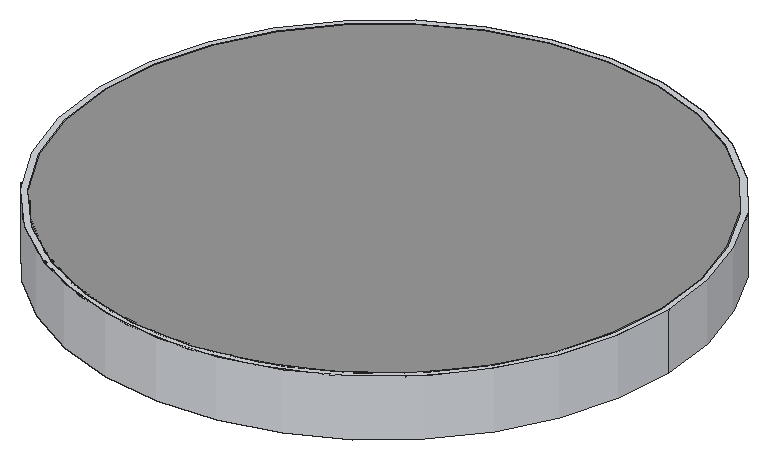
Revit family "2071185", category Lighting Fixtures, host Face, Revit 2018
Family settings
  Host = Face
  Round Connector Dimension = Use Diameter
  Part Type = Normal
  OmniClass Number = 23.80.70.00
  OmniClass Title = Lighting
  Cut with Voids When Loaded = No
  Light Source = Yes
  Shared = No
  Room Calculation Point = No
Parameters (values of type "2071185 COLOSSAL 600 940 OP DIR WHT")
  iner diameter = 588 mm
  Weight = "n/a"
  Wattage Comments = ""
  Wattage = 30 W
  WarrantyStartDate [instance] = "n/a"
  WarrantyGuarantorParts = "n/a"
  WarrantyDurationUnit = "n/a"
  WarrantyDurationParts = ""
  WarrantyDescription = "http://www.sylvania-lighting.com"
  built-in parameter 1150110 = 1 (stored number, unit not read)
  Voltage = 230 V
  URL = "0.95"
  TypeName = "COLOSSAL 600mm 940 OPAL DIR WHITE"
  Type Image = <None>
  Type Comments = "n/a"
  built-in parameter 1114217 = 1 (stored number, unit not read)
  Tilt Angle = -90.00°
  built-in parameter 1150109 = 1 (stored number, unit not read)
  built-in parameter 1150134 = (empty or 0)
  built-in parameter 1150113 = 1 (stored number, unit not read)
  SerialNumber [instance] = "n/a"
  Photometric Web File = "2071185.ies"
  Material_3_SYL = LED-Sylvania
  PowerFactor = 0
  PowerConsumption = "Lighting"
  NominalLength = 600 mm
  NominalHeight = 93 mm
  NominalDepth = 600 mm
  Name = "COLOSSAL 600mm 940 OPAL DIR WHITE"
  ModelReference = Name  # "COLOSSAL 600mm 940 OPAL DIR WHITE"
  ModelNumber = "2071185"
  Model = Name  # "COLOSSAL 600mm 940 OPAL DIR WHITE"
  Material = "Feilo Sylvania"
  ManufacturerName = "112 lm/W"
  Manufacturer = ""
  LuminousEfficacy = ""
  built-in parameter 1150105 = 270.44 (stored number, unit not read)
  Lumens = 3398.4 lm
  LuminaireType = "0"
  built-in parameter 1150115 = 1 (stored number, unit not read)
  LightOutputRatio = "LED"
  built-in parameter 1150137 = (empty or 0)
  built-in parameter 1150139 = (empty or 0)
  LampsType = Lamp  # "n/a"
  LampNominalLuminous = "4000 K"
  LampMacAdamStep = "90"
  LampColourTemperature = "LED"
  LampColourRenderingIndex = "16500"
  built-in parameter 1150112 = 1 (stored number, unit not read)
  built-in parameter 1150114 = 1 (stored number, unit not read)
  Lamp = "n/a"
  Keynote = "n/a"
  InstallationDate [instance] = "n/a"
  InputVoltage = "0"
  InputNominalFrequency = "4000"
  built-in parameter 1150132 = (empty or 0)
  built-in parameter 1150102 = (empty or 0)
  built-in parameter 1150107 = 3000 (stored number, unit not read)
  built-in parameter 1150138 = (empty or 0)
  IngressProtection = "IfcLightFixtureType"
  ImpactProtectionIndex = "IfcLightFixtureType"
  built-in parameter 1150106 = 2.7044 (stored number, unit not read)
  IfcExportType = "IfcLightFixtureType"
  IfcExportAs = "Class I"
  Emit from Circle Diameter = 385 mm
  Emit Shape Visible in Rendering = no
  ElectricShockClassification = "112"
  built-in parameter 1150104 = 10.524 (stored number, unit not read)
  DocumentationLiterature = "http://www.sylvania-lighting.com/product/en-int/products/2071185"
  DimmingControlOptions = "n/a"
  Material_2_SYL = Polycarbonate_Sylvania_White
  Dimming Lamp Color Temperature Shift = <None>
  Description = "600mm diameter circular architectural luminaire, can be surface mounted or suspended. Powder coated aluminium housing (RAL9016) with polycarbonate opal diffuser. Direct light distribution, 4535lm luminuous flux, 40.6W system power, 112lm/W luminiaire efficacy. Constant current driver. Colour rendering index Ra >90, 4000K Neutral White LED, chromaticity tolerance of 3-step MacAdam ellipse. IP40, IK03. 450mA drive current. Electrical protection Class1, 220-240V. Reported lifetime 66k hours L90B10."
  Default Elevation = 1219.2 mm
  CreatedOn = "23/03/2022"
  CreatedBy = "@sylvania-lighting.com"
  Cost = 0
  Color Filter = 16777215
  built-in parameter 1114216 [instance] = (empty or 0)
  ClassificationValue = "EF_70_80"
  ClassificationName = "Uniclass2015"
  Material_1_SYL = Polycarbonate_Sylvania_Opal
  BarCode [instance] = "n/a"
  built-in parameter 1114218 = 1 (stored number, unit not read)
  built-in parameter 1150133 = 10 (stored number, unit not read)
  AssetType = "Fixed"
  AssetIdentifier [instance] = "n/a"
  Assembly Code = "D5020200"
  Apparent Load = 40.6 VA
  Material_4_SYL = none
Reference planes
  plane 1 "Center (Front/Back)": y = 0
  plane 2: z = 0
  plane 3 "Center (Left/Right)": x = 0
  plane 4: x = -300
  plane 5: x = 300
  plane 6: y = 300
  plane 7: y = -300
  plane 8: y = 212
  plane 9: y = -212
  plane 10: z = 93
  plane 11: y = 294
  plane 12: y = -294
  plane 13: through (0, 0, 1219.2) normal (0.5, -0.866, 0)
  plane 14: through (-134.29, 20.617, 1219.2) normal (0.5, -0.866, 0)
  plane 15: through (-144.685, -181.683, 1219.2) normal (-0.5, 0.866, 0)
  plane 16: through (0, 0, 1219.2) normal (0.5, 0.866, 0)
  plane 17: through (178.555, -4.939, 1219.2) normal (0.5, 0.866, 0)
  plane 18: through (87.581, -148.715, 1219.2) normal (0.5, 0.866, 0)
  plane 19: y = 272
  plane 20: through (105.168, 227.067, 1219.2) normal (0.866, 0.5, 0)
  plane 21: through (-104.171, 225.672, 1219.2) normal (0.8572, -0.515, 0)
  plane 22: y = -204.612
  plane 23: through (-296.643, -30.2, 1219.2) normal (0.866, 0.5, 0)
  plane 24: through (153.092, -278.837, 1219.2) normal (-0.866, 0.5, 0)
Forms (mm)
  Extrusion 1, solid, detail levels medium+fine
    sketch origin (0, 0, 0) x (1, 0, 0) y (0, 1, 0)
      loop
        circle (0, 0) r 300
    from 33.023 to 93
  Extrusion 2, void
    sketch origin (0, 0, 0) x (1, 0, 0) y (0, 1, 0)
      loop
        circle (0, 0) r 294
    from 93 to 37.292
  Extrusion 3, solid, material "Glass, White, High Luminance", detail levels fine
    sketch origin (0, 0, 0) x (1, 0, 0) y (0, 1, 0)
      loop
        circle (0, 0) r 294
    from 88.026 to 93
  Extrusion 4, solid, detail levels coarse
    sketch origin (0, 0, 0) x (1, 0, 0) y (0, 1, 0)
      loop
        line (-300, 300) -> (-300, -300) -> (300, -300) -> (300, 300) -> (-300, 300)
    from 0 to 93
  Blend 5, solid, detail levels medium+fine
    base sketch origin (0, 0, 0) x (1, 0, 0) y (0, 1, 0)
      loop
        line (-76.334, 272) -> (-277.665, -63.07) -> (-195.946, -204.612) -> (195.946, -204.612) -> (275.172, -67.388) -> (79.226, 272) -> (-76.334, 272)
    top sketch origin (0, 0, 0) x (1, 0, 0) y (0, 1, 0)
      loop
        line (-226.097, -32.388) -> (-141.097, -179.612) -> (141.097, -179.612) -> (226.097, -32.388) -> (85, 212) -> (-85, 212) -> (-226.097, -32.388)
    from 33.023 to 0
Cuts and joins
  Extrusion 2 cuts Extrusion 1
Lines and regions (mm)
  model lines
    curve 1: line (-85, 212, 0) -> (0, 212, 0)
    curve 2: line (0, 212, 0) -> (85, 212, 0)
Dimensions and locks
  "NominalDepth": plane 6 to plane 7
  "NominalLength": plane 4 to plane 5
  equal spacing: plane 4, plane 3 "Center (Left/Right)", plane 5
  "iner diameter": plane 11 to plane 12
  equal spacing: plane 11, plane 1 "Center (Front/Back)", plane 12
  equal spacing: plane 6, plane 1 "Center (Front/Back)", plane 7
  "NominalHeight": plane 10 to level
  radius of Extrusion 2 sketch curve = 294 mm
  aligned and locked: plane 2 to host face
  aligned and locked: level to host face
Automatic sketch dimensions
  host sketch curve to host sketch curve = 2438.4 mm  (x2)
  plane 1 "Center (Front/Back)" to Extrusion 1 sketch curve = 0 mm
  Extrusion 1 sketch curve to plane 3 "Center (Left/Right)" = 0 mm
  plane 1 "Center (Front/Back)" to Extrusion 2 sketch curve = 0 mm
  Extrusion 2 sketch curve to plane 3 "Center (Left/Right)" = 0 mm
  plane 1 "Center (Front/Back)" to Extrusion 3 sketch curve = 0 mm
  Extrusion 3 sketch curve to plane 3 "Center (Left/Right)" = 0 mm
  Extrusion 4 sketch curve to plane 4 = 0 mm
  Extrusion 4 sketch curve to plane 5 = 0 mm
  Extrusion 4 sketch curve to plane 7 = 0 mm
  Extrusion 4 sketch curve to plane 6 = 0 mm
  Blend 5 sketch curve to plane 8 = 0 mm
  Blend 5 sketch curve to plane 3 "Center (Left/Right)" = 85 mm
  plane 3 "Center (Left/Right)" to Blend 5 sketch curve = 85 mm
  plane 9 to Blend 5 sketch curve = 32.388 mm
  plane 3 "Center (Left/Right)" to Blend 5 sketch curve = 141.097 mm
  plane 1 "Center (Front/Back)" to Blend 5 sketch curve = 32.388 mm  (x2)
  Blend 5 sketch curve to plane 5 = 73.903 mm
  Blend 5 sketch curve to plane 3 "Center (Left/Right)" = 141.097 mm
  plane 4 to Blend 5 sketch curve = 73.903 mm
  curve 1 to plane 8 = 0 mm
  curve 2 to plane 3 "Center (Left/Right)" = 0 mm
  curve 1 to plane 3 "Center (Left/Right)" = 85 mm
  curve 1 to curve 2 = 85 mm
  Blend 5 sketch curve to plane 21 = 0 mm
  Blend 5 sketch curve to plane 23 = 0 mm  (x2)
  Blend 5 sketch curve to plane 22 = 0 mm
  Blend 5 sketch curve to plane 19 = 0 mm
  plane 21 to Blend 5 sketch curve = 0 mm
  Blend 5 sketch curve to plane 20 = 0 mm  (x2)
  Blend 5 sketch curve to plane 24 = 0 mm  (x2)
  radius of Extrusion 1 sketch curve = 300 mm
  radius of Extrusion 3 sketch curve = 294 mm
Connectors
  electrical at (0, 0, 0), driven by "Apparent Load", driven by "PowerFactor", driven by "Voltage"
    settings: index 1, voltage 230 V, apparent load 40.6 VA, apparent load phase1 0 VA, apparent load phase2 0 VA, apparent load phase3 0 VA, power factor 0, load classification "Lighting", number of poles 1, system type 30, power factor state 1, is connector primary yes, connector utility no, sub classification motor no, connector description ""
